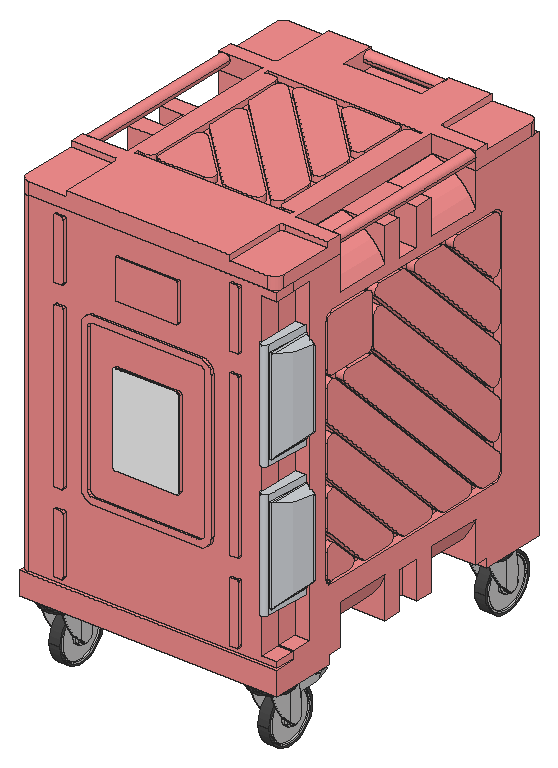
Revit family "QF_BOURGEAT_Conteneurs_Isothermes_Modèles_multi_standards_à_ouverture_Frontale", category Equipement spécialisé, Revit 2015
Parameters (values of type "1 module avec roulettes")
  URL catalogue = "http://www.bourgeat.fr"
  URL = ""
  Type article = ""
  Spécification du Fabricant = "Conteneur isotherme"
  Profondeur hors tout = 767 mm
  Poids net à vide = 43.00 kg
  Nature isolant = "Mousse sans PU"
  Modèle = "822301"
  Longueur hors tout = 592 mm
  Hauteur hors tout = 1032 mm
  Fabricant = "BOURGEAT"
  Description = ""
  Conteneur haut = no
  Contact SAV = "0033(4).76.32.14.44"
  Type Comments = ""
  Charge max = 90.00 kg
  Certification = "NF Hygiene alimentaire"
  Capacité en plaques 600x400 = "12 ou 9"
  Capacité en bacs polycarbonate = "8 GN1/1 H65 mm ou 5 GN1/1 H100 mm + 1GN1/1 H 65 mm"
  Capacité en bacs inox = "9 GN1/1 H65 mm ou 6 GN1/1 H100 mm"
Reference planes
  plane 1 "Centre (avant/arrière)": y = 0
  plane 2: z = 0
  plane 3 "Centre (gauche/droite)": x = 0
  plane 4: x = -241
  plane 5: x = 241
  plane 6: y = -284.25
  plane 7: y = 340.75
  plane 8: z = 1892
Forms (mm)
  Extrusion 1, solid, material "Plastique rouge", not visible
    sketch origin (0, 0, 0) x (1, 0, 0) y (0, 1, 0)
      loop
        arc (-185.938, -316.5) -> (0, -340.168) -> (185.938, -316.5) r 742.204
        line (185.938, -316.5) -> (-185.938, -316.5)
    from 62 to 541.347
  Extrusion 2, void, not visible
    sketch origin (0, 0, 0) x (0, 1, 0) y (0, 0, 1)
      loop
        line (-316.5, 541.347) -> (-376.5, 541.347) -> (-376.5, 467.614) -> (-341.5, 467.614) -> (-316.5, 541.347)
    from -189 to 189
  Extrusion 3, void, not visible
    sketch origin (0, 25, 506.988) x (0, 1, 0) y (0, 0, 1)
      loop
        line (-312.025, -476.988) -> (-345.715, -236.081) -> (-351.5, -236.081) -> (-351.5, -476.988) -> (-312.025, -476.988)
    from -189 to 189
  Extrusion 4, void, not visible
    sketch origin (0, 0, 0) x (1, 0, 0) y (0, 1, 0)
      loop
        arc (-91.005, -334.568) -> (0, -340.168) -> (91.005, -334.568) r 742.204
        line (91.005, -334.568) -> (86.852, -330.415)
        arc (86.852, -330.415) -> (-0.035, -321.722) -> (-86.916, -330.479) r 436.993
        line (-86.916, -330.479) -> (-91.005, -334.568)
    from 81.525 to 517.636
  Extrusion 5, solid, not visible
    sketch origin (4267.2, -534.768, 280.971) x (0, -1, 0) y (1, 0, 0)
      loop
        line (-212.991, -4491.703) -> (-305.486, -4478.63) -> (-306.606, -4486.551) -> (-213.708, -4499.682)
        arc (-213.708, -4499.682) -> (-200.905, -4492.56) -> (-203.551, -4478.151) r 12.564
        line (-203.551, -4478.151) -> (-209.213, -4483.813)
        arc (-209.213, -4483.813) -> (-208.154, -4489.17) -> (-212.991, -4491.703) r 4.561
    from -125 to 125
Dimensions and locks
  locked: Extrusion 2 sketch curve to Extrusion 2 sketch curve at 73.733
  aligned and locked: level to plane 2
Nested families
  nested 1: "Bourgeat-Conteneurs Isathermes-Modèles miulti-standards à ouverture Frontale 1 conteneur" at (0, 0, 157.5), type "Bourgeat-Conteneurs Isathermes-Modèles miulti-standards à ouverture Frontale 1 conteneur"
  nested 2: "ROULETTE" at (-241, -325.101, 0), type "ROULETTE"
    with Sans frein yes, Avec frein yes
  nested 3: "ROULETTE" at (241, -325.101, 0), type "ROULETTE"
    with Sans frein yes, Avec frein yes
  nested 4: "ROULETTE" at (-241, 299.899, 0), type "ROULETTE"
    with Sans frein yes, Avec frein no
  nested 5: "ROULETTE" at (241, 299.899, 0), type "ROULETTE"
    with Sans frein yes, Avec frein no
  nested 6: "Bourgeat-Conteneurs Isathermes-Modèles miulti-standards à ouverture Frontale 1 conteneur" at (0, 0, 1017), visible <- "Conteneur haut", type "Bourgeat-Conteneurs Isathermes-Modèles miulti-standards à ouverture Frontale 1 conteneur"
Definition of nested family "Bourgeat-Conteneurs Isathermes-Modèles miulti-standards à ouverture Frontale 1 conteneur"
  Parameters (values of type "Bourgeat-Conteneurs Isathermes-Modèles miulti-standards à ouverture Frontale 1 conteneur")
    URL = ""
    Model = ""
    Manufacturer = ""
    Description = ""
    Type Comments = ""
  Reference planes
    plane 1 "Centre (avant/arrière)": y = 0
    plane 2: z = 0
    plane 3 "Centre (gauche/droite)": x = 0
    plane 4: y = 383.5
    plane 5: x = -296
    plane 6: x = 296
    plane 7: y = -383.5
    plane 8: z = 755
    plane 9: x = 261.436
    plane 10: y = -242.5
  Forms (mm)
    Extrusion 1, solid
      sketch origin (0, 0, 0) x (1, 0, 0) y (0, 1, 0)
        loop
          line (-296, 357.5) -> (-296, 195.5) -> (-194, 195.5) -> (-194, -195.5) -> (-296, -195.5) -> (-296, -357.5)
          arc (-296, -357.5) -> (-290.142, -371.642) -> (-276, -377.5) r 20
          line (-276, -377.5) -> (276, -377.5)
          arc (276, -377.5) -> (290.142, -371.642) -> (296, -357.5) r 20
          line (296, -357.5) -> (296, -195.5) -> (194, -195.5) -> (194, 195.5) -> (296, 195.5) -> (296, 357.5)
          arc (296, 357.5) -> (290.142, 371.642) -> (276, 377.5) r 20
          line (276, 377.5) -> (90, 377.5) -> (90, 299.8) -> (-90, 299.8) -> (-90, 377.5) -> (-276, 377.5)
          arc (-276, 377.5) -> (-290.142, 371.642) -> (-296, 357.5) r 20
      from 835 to 875
    Extrusion 2, void
      sketch origin (0, 0, 875) x (0, 1, 0) y (1, 0, 0)
        loop
          arc (-377.5, -276) -> (-371.642, -290.142) -> (-357.5, -296) r 20
          line (-357.5, -296) -> (-229.5, -296) -> (-229.5, -196)
          arc (-229.5, -196) -> (-231.843, -190.343) -> (-237.5, -188) r 8
          line (-237.5, -188) -> (-377.5, -188) -> (-377.5, -276)
        loop
          line (-377.5, 276) -> (-377.5, 188) -> (-237.5, 188)
          arc (-237.5, 188) -> (-231.843, 190.343) -> (-229.5, 196) r 8
          line (-229.5, 196) -> (-229.5, 296) -> (-357.5, 296)
          arc (-357.5, 296) -> (-371.642, 290.142) -> (-377.5, 276) r 20
        loop
          line (377.5, -276) -> (377.5, -188) -> (237.5, -188)
          arc (237.5, -188) -> (231.843, -190.343) -> (229.5, -196) r 8
          line (229.5, -196) -> (229.5, -296) -> (357.5, -296)
          arc (357.5, -296) -> (371.642, -290.142) -> (377.5, -276) r 20
        loop
          arc (377.5, 276) -> (371.642, 290.142) -> (357.5, 296) r 20
          line (357.5, 296) -> (229.5, 296) -> (229.5, 196)
          arc (229.5, 196) -> (231.843, 190.343) -> (237.5, 188) r 8
          line (237.5, 188) -> (377.5, 188) -> (377.5, 276)
        loop
          line (191.5, -179.916) -> (191.5, 179.916) -> (184.5, 179.916) -> (184.5, 160)
          arc (184.5, 160) -> (180.399, 150.101) -> (170.5, 146) r 14
          line (170.5, 146) -> (-170.5, 146)
          arc (-170.5, 146) -> (-180.399, 150.101) -> (-184.5, 160) r 14
          line (-184.5, 160) -> (-184.5, 179.916) -> (-191.5, 179.916) -> (-191.5, -179.916) -> (-184.5, -179.916) -> (-184.5, -160)
          arc (-184.5, -160) -> (-180.399, -150.101) -> (-170.5, -146) r 14
          line (-170.5, -146) -> (170.5, -146)
          arc (170.5, -146) -> (180.399, -150.101) -> (184.5, -160) r 14
          line (184.5, -160) -> (184.5, -179.916) -> (191.5, -179.916)
        loop
          line (51.562, -115.101) -> (-160.601, 97.062)
          arc (-160.601, 97.062) -> (-175.858, 100.097) -> (-184.5, 87.162) r 14
          line (-184.5, 87.162) -> (-184.5, 23.523)
          arc (-184.5, 23.523) -> (-183.434, 18.165) -> (-180.399, 13.623) r 14
          line (-180.399, 13.623) -> (-31.877, -134.899)
          arc (-31.877, -134.899) -> (-27.335, -137.934) -> (-21.977, -139) r 14
          line (-21.977, -139) -> (41.662, -139)
          arc (41.662, -139) -> (54.597, -130.358) -> (51.562, -115.101) r 14
        loop
          line (-61.575, -115.101) -> (-160.601, -16.075)
          arc (-160.601, -16.075) -> (-175.858, -13.04) -> (-184.5, -25.975) r 14
          line (-184.5, -25.975) -> (-184.5, -125)
          arc (-184.5, -125) -> (-180.399, -134.899) -> (-170.5, -139) r 14
          line (-170.5, -139) -> (-71.475, -139)
          arc (-71.475, -139) -> (-58.54, -130.358) -> (-61.575, -115.101) r 14
        loop
          line (168.74, -115.101) -> (-81.26, 134.899)
          arc (-81.26, 134.899) -> (-85.802, 137.934) -> (-91.16, 139) r 14
          line (-91.16, 139) -> (-158.84, 139)
          arc (-158.84, 139) -> (-171.774, 130.358) -> (-168.74, 115.101) r 14
          line (-168.74, 115.101) -> (81.26, -134.899)
          arc (81.26, -134.899) -> (85.802, -137.934) -> (91.16, -139) r 14
          line (91.16, -139) -> (158.84, -139)
          arc (158.84, -139) -> (171.774, -130.358) -> (168.74, -115.101) r 14
        loop
          arc (31.877, 134.899) -> (27.335, 137.934) -> (21.977, 139) r 14
          line (21.977, 139) -> (-41.662, 139)
          arc (-41.662, 139) -> (-54.597, 130.358) -> (-51.562, 115.101) r 14
          line (-51.562, 115.101) -> (160.601, -97.062)
          arc (160.601, -97.062) -> (175.858, -100.097) -> (184.5, -87.162) r 14
          line (184.5, -87.162) -> (184.5, -23.523)
          arc (184.5, -23.523) -> (183.434, -18.165) -> (180.399, -13.623) r 14
          line (180.399, -13.623) -> (31.877, 134.899)
        loop
          arc (71.475, 139) -> (58.54, 130.358) -> (61.575, 115.101) r 14
          line (61.575, 115.101) -> (160.601, 16.075)
          arc (160.601, 16.075) -> (175.858, 13.04) -> (184.5, 25.975) r 14
          line (184.5, 25.975) -> (184.5, 125)
          arc (184.5, 125) -> (180.399, 134.899) -> (170.5, 139) r 14
          line (170.5, 139) -> (71.475, 139)
      from 0 to 12.5
    Extrusion 3, solid
      sketch origin (0, 0, 0) x (1, 0, 0) y (0, 0, 1)
        loop
          circle (-283.5, 862.5) r 12.5
      from -195.5 to 195.5
    Extrusion 4, solid
      sketch origin (0, 0, 0) x (-1, 0, 0) y (0, 0, -1)
        loop
          circle (-283.5, -862.5) r 12.5
      from -195.5 to 195.5
    Extrusion 5, solid
      sketch origin (0, 0, 0) x (0, 1, 0) y (0, 0, 1)
        loop
          circle (365, 862.5) r 12.5
      from -90 to 90
    Extrusion 6, solid
      sketch origin (0, 0, 0) x (0, 1, 0) y (0, 0, 1)
        loop
          line (377.5, 835) -> (-328, 835) -> (-328, 53) -> (-377.5, 53) -> (-377.5, 0) -> (-227.5, 0) -> (-227.5, 20) -> (227.5, 20) -> (227.5, 0) -> (377.5, 0) -> (377.5, 835)
      from -296 to 296
    Extrusion 7, void
      sketch origin (-296, 0, 0) x (0, 1, 0) y (0, 0, 1)
        loop
          line (251.049, 729.957) -> (-217.296, 729.957)
          arc (-217.296, 729.957) -> (-232.146, 723.806) -> (-238.296, 708.957) r 21
          line (-238.296, 708.957) -> (-238.296, 184.043)
          arc (-238.296, 184.043) -> (-232.146, 169.194) -> (-217.296, 163.043) r 21
          line (-217.296, 163.043) -> (251.049, 163.043)
          arc (251.049, 163.043) -> (265.898, 169.194) -> (272.049, 184.043) r 21
          line (272.049, 184.043) -> (272.049, 708.957)
          arc (272.049, 708.957) -> (265.898, 723.806) -> (251.049, 729.957) r 21
        loop
          line (-217.296, 594.957) -> (-117.296, 594.957)
          arc (-117.296, 594.957) -> (-107.397, 599.057) -> (-103.296, 608.957) r 14
          line (-103.296, 608.957) -> (-103.296, 708.957)
          arc (-103.296, 708.957) -> (-107.397, 718.856) -> (-117.296, 722.957) r 14
          line (-117.296, 722.957) -> (-217.296, 722.957)
          arc (-217.296, 722.957) -> (-227.196, 718.856) -> (-231.296, 708.957) r 14
          line (-231.296, 708.957) -> (-231.296, 608.957)
          arc (-231.296, 608.957) -> (-227.196, 599.057) -> (-217.296, 594.957) r 14
        loop
          line (251.049, 722.957) -> (146.864, 722.957)
          arc (146.864, 722.957) -> (133.929, 714.314) -> (136.964, 699.057) r 14
          line (136.964, 699.057) -> (241.149, 594.872)
          arc (241.149, 594.872) -> (256.406, 591.837) -> (265.049, 604.772) r 14
          line (265.049, 604.772) -> (265.049, 708.957)
          arc (265.049, 708.957) -> (260.948, 718.856) -> (251.049, 722.957) r 14
        loop
          arc (33.727, 722.957) -> (20.792, 714.314) -> (23.827, 699.057) r 14
          line (23.827, 699.057) -> (241.149, 481.735)
          arc (241.149, 481.735) -> (256.406, 478.7) -> (265.049, 491.635) r 14
          line (265.049, 491.635) -> (265.049, 555.274)
          arc (265.049, 555.274) -> (263.983, 560.632) -> (260.948, 565.174) r 14
          line (260.948, 565.174) -> (107.266, 718.856)
          arc (107.266, 718.856) -> (102.724, 721.891) -> (97.366, 722.957) r 14
          line (97.366, 722.957) -> (33.727, 722.957)
        loop
          line (-15.771, 722.957) -> (-79.41, 722.957)
          arc (-79.41, 722.957) -> (-92.345, 714.314) -> (-89.31, 699.057) r 14
          line (-89.31, 699.057) -> (241.149, 368.598)
          arc (241.149, 368.598) -> (256.406, 365.563) -> (265.049, 378.497) r 14
          line (265.049, 378.497) -> (265.049, 442.137)
          arc (265.049, 442.137) -> (263.983, 447.495) -> (260.948, 452.037) r 14
          line (260.948, 452.037) -> (-5.871, 718.856)
          arc (-5.871, 718.856) -> (-10.413, 721.891) -> (-15.771, 722.957) r 14
        loop
          line (-96.296, 662.345) -> (-96.296, 598.706)
          arc (-96.296, 598.706) -> (-95.231, 593.348) -> (-92.196, 588.806) r 14
          line (-92.196, 588.806) -> (241.149, 255.461)
          arc (241.149, 255.461) -> (256.406, 252.426) -> (265.049, 265.36) r 14
          line (265.049, 265.36) -> (265.049, 329)
          arc (265.049, 329) -> (263.983, 334.358) -> (260.948, 338.899) r 14
          line (260.948, 338.899) -> (-72.397, 672.245)
          arc (-72.397, 672.245) -> (-87.654, 675.28) -> (-96.296, 662.345) r 14
        loop
          line (-107.045, 587.957) -> (-170.685, 587.957)
          arc (-170.685, 587.957) -> (-183.619, 579.314) -> (-180.584, 564.057) r 14
          line (-180.584, 564.057) -> (209.33, 174.144)
          arc (209.33, 174.144) -> (213.872, 171.109) -> (219.229, 170.043) r 14
          line (219.229, 170.043) -> (251.049, 170.043)
          arc (251.049, 170.043) -> (260.948, 174.144) -> (265.049, 184.043) r 14
          line (265.049, 184.043) -> (265.049, 215.863)
          arc (265.049, 215.863) -> (263.983, 221.22) -> (260.948, 225.762) r 14
          line (260.948, 225.762) -> (-97.146, 583.856)
          arc (-97.146, 583.856) -> (-101.687, 586.891) -> (-107.045, 587.957) r 14
        loop
          line (179.631, 193.943) -> (-207.397, 580.971)
          arc (-207.397, 580.971) -> (-222.654, 584.005) -> (-231.296, 571.071) r 14
          line (-231.296, 571.071) -> (-231.296, 507.431)
          arc (-231.296, 507.431) -> (-230.231, 502.074) -> (-227.196, 497.532) r 14
          line (-227.196, 497.532) -> (96.193, 174.144)
          arc (96.193, 174.144) -> (100.734, 171.109) -> (106.092, 170.043) r 14
          line (106.092, 170.043) -> (169.732, 170.043)
          arc (169.732, 170.043) -> (182.666, 178.686) -> (179.631, 193.943) r 14
        loop
          line (66.494, 193.943) -> (-207.397, 467.833)
          arc (-207.397, 467.833) -> (-222.654, 470.868) -> (-231.296, 457.934) r 14
          line (-231.296, 457.934) -> (-231.296, 394.294)
          arc (-231.296, 394.294) -> (-230.231, 388.937) -> (-227.196, 384.395) r 14
          line (-227.196, 384.395) -> (-16.945, 174.144)
          arc (-16.945, 174.144) -> (-12.403, 171.109) -> (-7.045, 170.043) r 14
          line (-7.045, 170.043) -> (56.595, 170.043)
          arc (56.595, 170.043) -> (69.529, 178.686) -> (66.494, 193.943) r 14
        loop
          line (-46.643, 193.943) -> (-207.397, 354.696)
          arc (-207.397, 354.696) -> (-222.654, 357.731) -> (-231.296, 344.797) r 14
          line (-231.296, 344.797) -> (-231.296, 281.157)
          arc (-231.296, 281.157) -> (-230.231, 275.8) -> (-227.196, 271.258) r 14
          line (-227.196, 271.258) -> (-130.082, 174.144)
          arc (-130.082, 174.144) -> (-125.54, 171.109) -> (-120.182, 170.043) r 14
          line (-120.182, 170.043) -> (-56.543, 170.043)
          arc (-56.543, 170.043) -> (-43.608, 178.686) -> (-46.643, 193.943) r 14
        loop
          line (-159.78, 193.943) -> (-207.397, 241.559)
          arc (-207.397, 241.559) -> (-222.654, 244.594) -> (-231.296, 231.66) r 14
          line (-231.296, 231.66) -> (-231.296, 184.043)
          arc (-231.296, 184.043) -> (-227.196, 174.144) -> (-217.296, 170.043) r 14
          line (-217.296, 170.043) -> (-169.68, 170.043)
          arc (-169.68, 170.043) -> (-156.745, 178.686) -> (-159.78, 193.943) r 14
      from 0 to 20
    Extrusion 8, void
      sketch origin (296, 0, 0) x (0, 1, 0) y (0, 0, -1)
        loop
          arc (251.049, -729.957) -> (265.898, -723.806) -> (272.049, -708.957) r 21
          line (272.049, -708.957) -> (272.049, -184.043)
          arc (272.049, -184.043) -> (265.898, -169.194) -> (251.049, -163.043) r 21
          line (251.049, -163.043) -> (-217.296, -163.043)
          arc (-217.296, -163.043) -> (-232.146, -169.194) -> (-238.296, -184.043) r 21
          line (-238.296, -184.043) -> (-238.296, -708.957)
          arc (-238.296, -708.957) -> (-232.146, -723.806) -> (-217.296, -729.957) r 21
          line (-217.296, -729.957) -> (251.049, -729.957)
        loop
          arc (-217.296, -594.957) -> (-227.196, -599.057) -> (-231.296, -608.957) r 14
          line (-231.296, -608.957) -> (-231.296, -708.957)
          arc (-231.296, -708.957) -> (-227.196, -718.856) -> (-217.296, -722.957) r 14
          line (-217.296, -722.957) -> (-117.296, -722.957)
          arc (-117.296, -722.957) -> (-107.397, -718.856) -> (-103.296, -708.957) r 14
          line (-103.296, -708.957) -> (-103.296, -608.957)
          arc (-103.296, -608.957) -> (-107.397, -599.057) -> (-117.296, -594.957) r 14
          line (-117.296, -594.957) -> (-217.296, -594.957)
        loop
          arc (251.049, -722.957) -> (260.948, -718.856) -> (265.049, -708.957) r 14
          line (265.049, -708.957) -> (265.049, -604.772)
          arc (265.049, -604.772) -> (256.406, -591.837) -> (241.149, -594.872) r 14
          line (241.149, -594.872) -> (136.964, -699.057)
          arc (136.964, -699.057) -> (133.929, -714.314) -> (146.864, -722.957) r 14
          line (146.864, -722.957) -> (251.049, -722.957)
        loop
          line (33.727, -722.957) -> (97.366, -722.957)
          arc (97.366, -722.957) -> (102.724, -721.891) -> (107.266, -718.856) r 14
          line (107.266, -718.856) -> (260.948, -565.174)
          arc (260.948, -565.174) -> (263.983, -560.632) -> (265.049, -555.274) r 14
          line (265.049, -555.274) -> (265.049, -491.635)
          arc (265.049, -491.635) -> (256.406, -478.7) -> (241.149, -481.735) r 14
          line (241.149, -481.735) -> (23.827, -699.057)
          arc (23.827, -699.057) -> (20.792, -714.314) -> (33.727, -722.957) r 14
        loop
          arc (-15.771, -722.957) -> (-10.413, -721.891) -> (-5.871, -718.856) r 14
          line (-5.871, -718.856) -> (260.948, -452.037)
          arc (260.948, -452.037) -> (263.983, -447.495) -> (265.049, -442.137) r 14
          line (265.049, -442.137) -> (265.049, -378.497)
          arc (265.049, -378.497) -> (256.406, -365.563) -> (241.149, -368.598) r 14
          line (241.149, -368.598) -> (-89.31, -699.057)
          arc (-89.31, -699.057) -> (-92.345, -714.314) -> (-79.41, -722.957) r 14
          line (-79.41, -722.957) -> (-15.771, -722.957)
        loop
          arc (-96.296, -662.345) -> (-87.654, -675.28) -> (-72.397, -672.245) r 14
          line (-72.397, -672.245) -> (260.948, -338.899)
          arc (260.948, -338.899) -> (263.983, -334.358) -> (265.049, -329) r 14
          line (265.049, -329) -> (265.049, -265.36)
          arc (265.049, -265.36) -> (256.406, -252.426) -> (241.149, -255.461) r 14
          line (241.149, -255.461) -> (-92.196, -588.806)
          arc (-92.196, -588.806) -> (-95.231, -593.348) -> (-96.296, -598.706) r 14
          line (-96.296, -598.706) -> (-96.296, -662.345)
        loop
          arc (-107.045, -587.957) -> (-101.687, -586.891) -> (-97.146, -583.856) r 14
          line (-97.146, -583.856) -> (260.948, -225.762)
          arc (260.948, -225.762) -> (263.983, -221.22) -> (265.049, -215.863) r 14
          line (265.049, -215.863) -> (265.049, -184.043)
          arc (265.049, -184.043) -> (260.948, -174.144) -> (251.049, -170.043) r 14
          line (251.049, -170.043) -> (219.229, -170.043)
          arc (219.229, -170.043) -> (213.872, -171.109) -> (209.33, -174.144) r 14
          line (209.33, -174.144) -> (-180.584, -564.057)
          arc (-180.584, -564.057) -> (-183.619, -579.314) -> (-170.685, -587.957) r 14
          line (-170.685, -587.957) -> (-107.045, -587.957)
        loop
          arc (179.631, -193.943) -> (182.666, -178.686) -> (169.732, -170.043) r 14
          line (169.732, -170.043) -> (106.092, -170.043)
          arc (106.092, -170.043) -> (100.734, -171.109) -> (96.193, -174.144) r 14
          line (96.193, -174.144) -> (-227.196, -497.532)
          arc (-227.196, -497.532) -> (-230.231, -502.074) -> (-231.296, -507.431) r 14
          line (-231.296, -507.431) -> (-231.296, -571.071)
          arc (-231.296, -571.071) -> (-222.654, -584.005) -> (-207.397, -580.971) r 14
          line (-207.397, -580.971) -> (179.631, -193.943)
        loop
          arc (66.494, -193.943) -> (69.529, -178.686) -> (56.595, -170.043) r 14
          line (56.595, -170.043) -> (-7.045, -170.043)
          arc (-7.045, -170.043) -> (-12.403, -171.109) -> (-16.945, -174.144) r 14
          line (-16.945, -174.144) -> (-227.196, -384.395)
          arc (-227.196, -384.395) -> (-230.231, -388.937) -> (-231.296, -394.294) r 14
          line (-231.296, -394.294) -> (-231.296, -457.934)
          arc (-231.296, -457.934) -> (-222.654, -470.868) -> (-207.397, -467.833) r 14
          line (-207.397, -467.833) -> (66.494, -193.943)
        loop
          arc (-46.643, -193.943) -> (-43.608, -178.686) -> (-56.543, -170.043) r 14
          line (-56.543, -170.043) -> (-120.182, -170.043)
          arc (-120.182, -170.043) -> (-125.54, -171.109) -> (-130.082, -174.144) r 14
          line (-130.082, -174.144) -> (-227.196, -271.258)
          arc (-227.196, -271.258) -> (-230.231, -275.8) -> (-231.296, -281.157) r 14
          line (-231.296, -281.157) -> (-231.296, -344.797)
          arc (-231.296, -344.797) -> (-222.654, -357.731) -> (-207.397, -354.696) r 14
          line (-207.397, -354.696) -> (-46.643, -193.943)
        loop
          arc (-159.78, -193.943) -> (-156.745, -178.686) -> (-169.68, -170.043) r 14
          line (-169.68, -170.043) -> (-217.296, -170.043)
          arc (-217.296, -170.043) -> (-227.196, -174.144) -> (-231.296, -184.043) r 14
          line (-231.296, -184.043) -> (-231.296, -231.66)
          arc (-231.296, -231.66) -> (-222.654, -244.594) -> (-207.397, -241.559) r 14
          line (-207.397, -241.559) -> (-159.78, -193.943)
      from 0 to 20
    Extrusion 9, void
      sketch origin (0, 0, 0) x (1, 0, 0) y (0, 0, 1)
        loop
          line (-193.07, 836) -> (-296, 836) -> (-296, 755)
          arc (-296, 755) -> (-255, 808.799) -> (-193.07, 836) r 135.183
      from 65.5 to 195.5
    Extrusion 10, void
      sketch origin (0, 0, 0) x (1, 0, 0) y (0, 0, -1)
        loop
          arc (-193.07, -836) -> (-255, -808.799) -> (-296, -755) r 135.183
          line (-296, -755) -> (-296, -836) -> (-193.07, -836)
      from 65.5 to 195.5
    Extrusion 11, void
      sketch origin (0, 0, 0) x (1, 0, 0) y (0, 1, 0)
        loop
          line (-296, -26) -> (-242.454, -26) -> (-242.454, 26) -> (-296, 26) -> (-296, -26)
      from 749 to 875
    Extrusion 12, void
      sketch origin (0, 0, 0) x (-1, 0, 0) y (0, 0, -1)
        loop
          arc (-193.07, -836) -> (-255, -808.799) -> (-296, -755) r 135.183
          line (-296, -755) -> (-296, -836) -> (-193.07, -836)
      from 65.5 to 195.5
    Extrusion 13, void
      sketch origin (0, 0, 0) x (-1, 0, 0) y (0, 0, 1)
        loop
          line (-193.07, 836) -> (-296, 836) -> (-296, 755)
          arc (-296, 755) -> (-255, 808.799) -> (-193.07, 836) r 135.183
      from 65.5 to 195.5
    Extrusion 14, void
      sketch origin (0, 0, 0) x (-1, 0, 0) y (0, -1, 0)
        loop
          line (-296, 26) -> (-296, -26) -> (-242.454, -26) -> (-242.454, 26) -> (-296, 26)
      from 749 to 875
    Extrusion 15, solid
      sketch origin (0, 0, 0) x (1, 0, 0) y (0, 0, 1)
        loop
          line (-296, 835) -> (-296, 58) -> (296, 58) -> (296, 835) -> (-296, 835)
      from 332.5 to 377.5
    Extrusion 16, void
      sketch origin (0, 0, 0) x (1, 0, 0) y (0, 1, 0)
        loop
          line (261.436, -389.5) -> (296, -389.5) -> (296, -280.708) -> (261.436, -280.708) -> (261.436, -389.5)
      from 71.657 to 816.393
    Extrusion 17, solid
      sketch origin (0, 0, 0) x (1, 0, 0) y (0, 0, 1)
        loop
          line (213.5, 684) -> (213.5, 816.393)
          spline (213.5, 816.393) -> (213.47, 817.039) -> (213.381, 817.674) -> (213.234, 818.288) -> (213.031, 818.868) -> (212.777, 819.407) -> (212.475, 819.893) -> (212.131, 820.32) -> (211.75, 820.68) -> (211.339, 820.966) -> (210.906, 821.174) -> (210.457, 821.301) -> (210, 821.343)
          line (210, 821.343) -> (195, 821.343)
          spline (195, 821.343) -> (194.543, 821.301) -> (194.094, 821.174) -> (193.661, 820.966) -> (193.25, 820.68) -> (192.869, 820.32) -> (192.525, 819.893) -> (192.223, 819.407) -> (191.969, 818.868) -> (191.766, 818.288) -> (191.619, 817.674) -> (191.53, 817.039) -> (191.5, 816.393)
          line (191.5, 816.393) -> (191.5, 684)
          arc (191.5, 684) -> (192.525, 681.525) -> (195, 680.5) r 3.5
          line (195, 680.5) -> (210, 680.5)
          arc (210, 680.5) -> (212.475, 681.525) -> (213.5, 684) r 3.5
        loop
          line (213.5, 261.5) -> (213.5, 631.5)
          arc (213.5, 631.5) -> (212.475, 633.975) -> (210, 635) r 3.5
          line (210, 635) -> (195, 635)
          arc (195, 635) -> (192.525, 633.975) -> (191.5, 631.5) r 3.5
          line (191.5, 631.5) -> (191.5, 261.5)
          arc (191.5, 261.5) -> (192.525, 259.025) -> (195, 258) r 3.5
          line (195, 258) -> (210, 258)
          arc (210, 258) -> (212.475, 259.025) -> (213.5, 261.5) r 3.5
        loop
          line (213.5, 76.607) -> (213.5, 209)
          arc (213.5, 209) -> (212.475, 211.475) -> (210, 212.5) r 3.5
          line (210, 212.5) -> (195, 212.5)
          arc (195, 212.5) -> (192.525, 211.475) -> (191.5, 209) r 3.5
          line (191.5, 209) -> (191.5, 76.607)
          spline (191.5, 76.607) -> (191.53, 75.961) -> (191.619, 75.326) -> (191.766, 74.712) -> (191.969, 74.132) -> (192.223, 73.593) -> (192.525, 73.107) -> (192.869, 72.68) -> (193.25, 72.32) -> (193.661, 72.034) -> (194.094, 71.826) -> (194.543, 71.699) -> (195, 71.657)
          line (195, 71.657) -> (210, 71.657)
          spline (210, 71.657) -> (210.457, 71.699) -> (210.906, 71.826) -> (211.339, 72.034) -> (211.75, 72.32) -> (212.131, 72.68) -> (212.475, 73.107) -> (212.777, 73.593) -> (213.031, 74.132) -> (213.234, 74.712) -> (213.381, 75.326) -> (213.47, 75.961) -> (213.5, 76.607)
        loop
          line (-191.5, 76.607) -> (-191.5, 209)
          arc (-191.5, 209) -> (-192.525, 211.475) -> (-195, 212.5) r 3.5
          line (-195, 212.5) -> (-210, 212.5)
          arc (-210, 212.5) -> (-212.475, 211.475) -> (-213.5, 209) r 3.5
          line (-213.5, 209) -> (-213.5, 76.607)
          spline (-213.5, 76.607) -> (-213.47, 75.961) -> (-213.381, 75.326) -> (-213.234, 74.712) -> (-213.031, 74.132) -> (-212.777, 73.593) -> (-212.475, 73.107) -> (-212.131, 72.68) -> (-211.75, 72.32) -> (-211.339, 72.034) -> (-210.906, 71.826) -> (-210.457, 71.699) -> (-210, 71.657)
          line (-210, 71.657) -> (-195, 71.657)
          spline (-195, 71.657) -> (-194.543, 71.699) -> (-194.094, 71.826) -> (-193.661, 72.034) -> (-193.25, 72.32) -> (-192.869, 72.68) -> (-192.525, 73.107) -> (-192.223, 73.593) -> (-191.969, 74.132) -> (-191.766, 74.712) -> (-191.619, 75.326) -> (-191.53, 75.961) -> (-191.5, 76.607)
        loop
          arc (-191.5, 631.5) -> (-192.525, 633.975) -> (-195, 635) r 3.5
          line (-195, 635) -> (-210, 635)
          arc (-210, 635) -> (-212.475, 633.975) -> (-213.5, 631.5) r 3.5
          line (-213.5, 631.5) -> (-213.5, 261.5)
          arc (-213.5, 261.5) -> (-212.475, 259.025) -> (-210, 258) r 3.5
          line (-210, 258) -> (-195, 258)
          arc (-195, 258) -> (-192.525, 259.025) -> (-191.5, 261.5) r 3.5
          line (-191.5, 261.5) -> (-191.5, 631.5)
        loop
          line (-191.5, 684) -> (-191.5, 816.393)
          spline (-191.5, 816.393) -> (-191.53, 817.039) -> (-191.619, 817.674) -> (-191.766, 818.288) -> (-191.969, 818.868) -> (-192.223, 819.407) -> (-192.525, 819.893) -> (-192.869, 820.32) -> (-193.25, 820.68) -> (-193.661, 820.966) -> (-194.094, 821.174) -> (-194.543, 821.301) -> (-195, 821.343)
          line (-195, 821.343) -> (-210, 821.343)
          spline (-210, 821.343) -> (-210.457, 821.301) -> (-210.906, 821.174) -> (-211.339, 820.966) -> (-211.75, 820.68) -> (-212.131, 820.32) -> (-212.475, 819.893) -> (-212.777, 819.407) -> (-213.031, 818.868) -> (-213.234, 818.288) -> (-213.381, 817.674) -> (-213.47, 817.039) -> (-213.5, 816.393)
          line (-213.5, 816.393) -> (-213.5, 684)
          arc (-213.5, 684) -> (-212.475, 681.525) -> (-210, 680.5) r 3.5
          line (-210, 680.5) -> (-195, 680.5)
          arc (-195, 680.5) -> (-192.525, 681.525) -> (-191.5, 684) r 3.5
        loop
          line (71.5, 693.09) -> (71.5, 780.09)
          arc (71.5, 780.09) -> (71.061, 781.151) -> (70, 781.59) r 1.5
          line (70, 781.59) -> (-70, 781.59)
          arc (-70, 781.59) -> (-71.061, 781.151) -> (-71.5, 780.09) r 1.5
          line (-71.5, 780.09) -> (-71.5, 693.09)
          arc (-71.5, 693.09) -> (-71.061, 692.03) -> (-70, 691.59) r 1.5
          line (-70, 691.59) -> (70, 691.59)
          arc (70, 691.59) -> (71.061, 692.03) -> (71.5, 693.09) r 1.5
        loop
          arc (149.954, 614.5) -> (141.913, 633.913) -> (122.5, 641.954) r 27.454
          line (122.5, 641.954) -> (-122.5, 641.954)
          arc (-122.5, 641.954) -> (-141.913, 633.913) -> (-149.954, 614.5) r 27.454
          line (-149.954, 614.5) -> (-149.954, 278.5)
          arc (-149.954, 278.5) -> (-141.913, 259.087) -> (-122.5, 251.046) r 27.454
          line (-122.5, 251.046) -> (122.5, 251.046)
          arc (122.5, 251.046) -> (141.913, 259.087) -> (149.954, 278.5) r 27.454
          line (149.954, 278.5) -> (149.954, 614.5)
        loop
          line (135.046, 278.5) -> (135.046, 614.5)
          arc (135.046, 614.5) -> (131.372, 623.372) -> (122.5, 627.046) r 12.546
          line (122.5, 627.046) -> (-122.5, 627.046)
          arc (-122.5, 627.046) -> (-131.372, 623.372) -> (-135.046, 614.5) r 12.546
          line (-135.046, 614.5) -> (-135.046, 278.5)
          arc (-135.046, 278.5) -> (-131.372, 269.628) -> (-122.5, 265.954) r 12.546
          line (-122.5, 265.954) -> (122.5, 265.954)
          arc (122.5, 265.954) -> (131.372, 269.628) -> (135.046, 278.5) r 12.546
        loop
          line (70, 552.472) -> (-70, 552.472)
          arc (-70, 552.472) -> (-74.223, 550.723) -> (-75.972, 546.5) r 5.972
          line (-75.972, 546.5) -> (-75.972, 346.5)
          arc (-75.972, 346.5) -> (-74.223, 342.277) -> (-70, 340.528) r 5.972
          line (-70, 340.528) -> (70, 340.528)
          arc (70, 340.528) -> (74.223, 342.277) -> (75.972, 346.5) r 5.972
          line (75.972, 346.5) -> (75.972, 546.5)
          arc (75.972, 546.5) -> (74.223, 550.723) -> (70, 552.472) r 5.972
      from 377.5 to 383.5
    Extrusion 18, void
      sketch origin (0, 0, 0) x (1, 0, 0) y (0, 1, 0)
        loop
          line (-296, -357.5) -> (-296, -377.5) -> (-276, -377.5)
          arc (-276, -377.5) -> (-290.142, -371.642) -> (-296, -357.5) r 20
      from 53 to 835
    Extrusion 19, solid
      sketch origin (0, 0, 0) x (1, 0, 0) y (0, 1, 0)
        loop
          circle (-296.5, -337.5) r 5
      from 406.5 to 446.5
    Extrusion 20, solid
      sketch origin (0, 0, -300) x (1, 0, 0) y (0, 1, 0)
        loop
          circle (-296.5, -337.5) r 5
      from 406.5 to 446.5
    Extrusion 21, solid
      sketch origin (0, 0, 300) x (1, 0, 0) y (0, 1, 0)
        loop
          circle (-296.5, -337.5) r 5
      from 406.5 to 446.5
    Extrusion 22, void
      sketch origin (0, 0, 893) x (1, 0, 0) y (0, 0, 1)
        loop
          arc (-193.07, -873) -> (-256.381, -838.832) -> (-296, -778.781) r 147.501
          line (-296, -778.781) -> (-296, -873) -> (-193.07, -873)
      from 65.5 to 195.5
    Extrusion 23, void
      sketch origin (0, 0, 893) x (1, 0, 0) y (0, 0, -1)
        loop
          line (-193.07, 873) -> (-296, 873) -> (-296, 778.781)
          arc (-296, 778.781) -> (-256.381, 838.832) -> (-193.07, 873) r 147.501
      from 65.5 to 195.5
    Extrusion 24, void
      sketch origin (0, 0, 893) x (0, -1, 0) y (1, 0, 0)
        loop
          line (11.21, -296) -> (11.21, -242.454) -> (-26, -242.454) -> (-26, -296) -> (11.21, -296)
      from -893 to -786.5
    Extrusion 25, void
      sketch origin (0, 0, 893) x (-1, 0, 0) y (0, 0, -1)
        loop
          line (-193.07, 873) -> (-296, 873) -> (-296, 778.781)
          arc (-296, 778.781) -> (-256.381, 838.832) -> (-193.07, 873) r 147.501
      from 65.5 to 195.5
    Extrusion 26, void
      sketch origin (0, 0, 893) x (-1, 0, 0) y (0, 0, 1)
        loop
          arc (-193.07, -873) -> (-256.381, -838.832) -> (-296, -778.781) r 147.501
          line (-296, -778.781) -> (-296, -873) -> (-193.07, -873)
      from 65.5 to 195.5
    Extrusion 27, void
      sketch origin (0, 0, 893) x (0, 1, 0) y (-1, 0, 0)
        loop
          line (-26, -296) -> (26, -296) -> (26, -261.436) -> (-26, -261.436) -> (-26, -296)
      from -893 to -786.5
    Extrusion 28, solid
      sketch origin (0, -383.5, 0) x (1, 0, 0) y (0, 0, 1)
        loop
          line (70, 552.472) -> (-70, 552.472)
          arc (-70, 552.472) -> (-74.223, 550.723) -> (-75.972, 546.5) r 5.972
          line (-75.972, 546.5) -> (-75.972, 346.5)
          arc (-75.972, 346.5) -> (-74.223, 342.277) -> (-70, 340.528) r 5.972
          line (-70, 340.528) -> (70, 340.528)
          arc (70, 340.528) -> (74.223, 342.277) -> (75.972, 346.5) r 5.972
          line (75.972, 346.5) -> (75.972, 546.5)
          arc (75.972, 546.5) -> (74.223, 550.723) -> (70, 552.472) r 5.972
      from 0 to 1
  Cuts and joins
    Extrusion 2, Extrusion 22, Extrusion 23 cuts Extrusion 1
    Extrusion 7, Extrusion 8, Extrusion 9, Extrusion 10, Extrusion 11, Extrusion 12, Extrusion 13, Extrusion 14, Extrusion 16, Extrusion 18, Extrusion 22, Extrusion 23, Extrusion 24, Extrusion 25, Extrusion 26, Extrusion 27 cuts Extrusion 6
    Extrusion 14, Extrusion 24 cuts Extrusion 3
    Extrusion 16, Extrusion 18 cuts Extrusion 15
  Dimensions and locks
    equal spacing: plane 5, plane 3 "Centre (gauche/droite)", plane 6
    equal spacing: plane 4, plane 1 "Centre (avant/arrière)", plane 7
    plane 5 to plane 6 = 592 mm
    plane 4 to plane 7 = 767 mm
    aligned and locked: level to plane 2
  Automatic sketch dimensions
    Extrusion 1 sketch curve to plane 5 = 0 mm  (x2)
    Extrusion 1 sketch curve to plane 6 = 0 mm  (x2)
    plane 5 to Extrusion 1 sketch curve = 20 mm
    Extrusion 1 sketch curve to Extrusion 1 sketch curve = 20 mm
    plane 5 to Extrusion 1 sketch curve = 102 mm
    Extrusion 1 sketch curve to plane 4 = 6 mm  (x2)
    Extrusion 1 sketch curve to plane 3 "Centre (gauche/droite)" = 90 mm
    plane 3 "Centre (gauche/droite)" to Extrusion 1 sketch curve = 90 mm
    Extrusion 1 sketch curve to plane 9 = 67.436 mm
    plane 9 to Extrusion 1 sketch curve = 14.564 mm  (x2)
    plane 7 to Extrusion 1 sketch curve = 6 mm
    plane 10 to Extrusion 1 sketch curve = 47 mm  (x2)
    Extrusion 1 sketch curve to Extrusion 1 sketch curve = 162 mm  (x2)
    Extrusion 1 sketch curve to Extrusion 1 sketch curve = 77.7 mm
    Extrusion 2 sketch curve to Extrusion 1 = 6 mm  (x2)
    Extrusion 2 sketch curve to Extrusion 1 = 42 mm  (x2)
    Extrusion 1 to Extrusion 2 sketch curve = 2 mm  (x3)
    Extrusion 2 sketch curve to Extrusion 1 = 34 mm  (x3)
    Extrusion 1 to Extrusion 2 sketch curve = 4 mm  (x2)
    Extrusion 1 to Extrusion 2 sketch curve = 11 mm  (x7)
    Extrusion 1 to Extrusion 2 sketch curve = 2.838 mm  (x2)
    Extrusion 2 sketch curve to Extrusion 2 sketch curve = 4.101 mm  (x3)
    Extrusion 2 sketch curve to Extrusion 2 sketch curve = 14 mm  (x7)
    Extrusion 1 to Extrusion 2 sketch curve = 26.76 mm
    Extrusion 2 sketch curve to Extrusion 1 = 7.062 mm  (x2)
    Extrusion 2 sketch curve to Extrusion 2 sketch curve = 9.899 mm  (x15)
    Extrusion 2 sketch curve to Extrusion 2 sketch curve = 67.68 mm
    Extrusion 2 sketch curve to Extrusion 1 = 44.899 mm  (x4)
    Extrusion 2 sketch curve to Extrusion 1 = 35 mm
    Extrusion 2 sketch curve to Extrusion 2 sketch curve = 99.025 mm
    Extrusion 2 sketch curve to Extrusion 1 = 25.101 mm  (x4)
    Extrusion 2 sketch curve to Extrusion 2 sketch curve = 29.698 mm  (x6)
    Extrusion 2 sketch curve to Extrusion 2 sketch curve = 63.64 mm  (x3)
    Extrusion 1 to Extrusion 2 sketch curve = 36.66 mm
    Extrusion 1 to Extrusion 2 sketch curve = 34.899 mm
    Extrusion 2 sketch curve to Extrusion 2 sketch curve = 1.76 mm
    Extrusion 1 to Extrusion 2 sketch curve = 25 mm  (x2)
    Extrusion 2 sketch curve to Extrusion 2 sketch curve = 0 mm
    Extrusion 2 sketch curve to Extrusion 2 sketch curve = 11.66 mm
    Extrusion 2 sketch curve to Extrusion 2 sketch curve = 8 mm  (x2)
    Extrusion 2 sketch curve to Extrusion 1 = 14.084 mm  (x4)
    Extrusion 2 sketch curve to Extrusion 2 sketch curve = 19.916 mm
    Extrusion 2 sketch curve to Extrusion 2 sketch curve = 7 mm  (x3)
    Extrusion 1 to Extrusion 2 sketch curve = 64.025 mm
    Extrusion 2 sketch curve to Extrusion 2 sketch curve = 18.039 mm
    plane 5 to Extrusion 3 sketch curve = 12.5 mm
    plane 8 to Extrusion 3 sketch curve = 107.5 mm
    plane 6 to Extrusion 4 sketch curve = 12.5 mm
    Extrusion 4 sketch curve to plane 8 = 107.5 mm
    Extrusion 5 sketch curve to plane 4 = 18.5 mm
    plane 8 to Extrusion 5 sketch curve = 107.5 mm
    Extrusion 6 sketch curve to level = 0 mm  (x2)
    plane 7 to Extrusion 6 sketch curve = 6 mm
    Extrusion 6 sketch curve to Extrusion 6 sketch curve = 49.5 mm
    plane 10 to Extrusion 6 sketch curve = 15 mm
    level to Extrusion 6 sketch curve = 20 mm
    Extrusion 6 sketch curve to plane 4 = 156 mm
    Extrusion 6 sketch curve to plane 4 = 6 mm
    level to Extrusion 6 sketch curve = 53 mm
    plane 8 to Extrusion 6 sketch curve = 80 mm
    Extrusion 7 sketch curve to Extrusion 7 sketch curve = 0 mm  (x11)
    Extrusion 6 to Extrusion 7 sketch curve = 10.796 mm
    Extrusion 6 to Extrusion 7 sketch curve = 3.796 mm  (x5)
    Extrusion 7 sketch curve to Extrusion 6 = 0.304 mm  (x3)
    Extrusion 7 sketch curve to Extrusion 6 = 10.204 mm  (x10)
    Extrusion 7 sketch curve to Extrusion 7 sketch curve = 9.899 mm  (x31)
    Extrusion 7 sketch curve to Extrusion 7 sketch curve = 26.813 mm  (x2)
    Extrusion 7 sketch curve to Extrusion 7 sketch curve = 47.617 mm  (x2)
    Extrusion 7 sketch curve to Extrusion 7 sketch curve = 29.698 mm  (x12)
    Extrusion 7 sketch curve to Extrusion 7 sketch curve = 100 mm  (x2)
    Extrusion 7 sketch curve to Extrusion 7 sketch curve = 53.388 mm  (x2)
    Extrusion 7 sketch curve to Extrusion 7 sketch curve = 10.251 mm
    Extrusion 7 sketch curve to Extrusion 7 sketch curve = 14 mm  (x11)
    Extrusion 7 sketch curve to Extrusion 7 sketch curve = 7 mm  (x3)
    Extrusion 7 sketch curve to Extrusion 7 sketch curve = 4.95 mm  (x2)
    Extrusion 7 sketch curve to Extrusion 7 sketch curve = 13.986 mm
    Extrusion 7 sketch curve to Extrusion 7 sketch curve = 63.64 mm  (x9)
    Extrusion 7 sketch curve to Extrusion 6 = 121.144 mm
    Extrusion 6 to Extrusion 7 sketch curve = 116.144 mm
    Extrusion 7 sketch curve to Extrusion 6 = 57.768 mm
    Extrusion 7 sketch curve to Extrusion 6 = 18.17 mm
    Extrusion 7 sketch curve to Extrusion 6 = 8.271 mm
    Extrusion 6 to Extrusion 7 sketch curve = 13.649 mm  (x4)
    Extrusion 6 to Extrusion 7 sketch curve = 23.549 mm  (x6)
    Extrusion 7 sketch curve to Extrusion 7 sketch curve = 4.101 mm  (x6)
    Extrusion 7 sketch curve to Extrusion 6 = 117.043 mm
    Extrusion 7 sketch curve to Extrusion 7 sketch curve = 31.82 mm
    Extrusion 7 sketch curve to Extrusion 7 sketch curve = 56.626 mm
    Extrusion 7 sketch curve to Extrusion 7 sketch curve = 7.014 mm
    Extrusion 7 sketch curve to Extrusion 7 sketch curve = 19.799 mm
    Extrusion 8 sketch curve to Extrusion 8 sketch curve = 0 mm  (x12)
    plane 10 to Extrusion 8 sketch curve = 4.204 mm
    Extrusion 8 sketch curve to Extrusion 8 sketch curve = 7 mm  (x4)
    plane 10 to Extrusion 8 sketch curve = 11.204 mm  (x4)
    Extrusion 8 sketch curve to Extrusion 8 sketch curve = 4.101 mm  (x7)
    Extrusion 8 sketch curve to Extrusion 8 sketch curve = 14 mm  (x19)
    Extrusion 8 sketch curve to Extrusion 8 sketch curve = 9.899 mm  (x38)
    Extrusion 8 sketch curve to Extrusion 8 sketch curve = 26.813 mm  (x2)
    Extrusion 8 sketch curve to Extrusion 8 sketch curve = 47.617 mm  (x3)
    Extrusion 8 sketch curve to Extrusion 8 sketch curve = 29.698 mm  (x11)
    Extrusion 8 sketch curve to plane 8 = 32.043 mm
    Extrusion 8 sketch curve to Extrusion 8 sketch curve = 100 mm
    Extrusion 8 sketch curve to Extrusion 8 sketch curve = 53.388 mm  (x2)
    Extrusion 8 sketch curve to Extrusion 8 sketch curve = 10.251 mm  (x2)
    Extrusion 8 sketch curve to Extrusion 8 sketch curve = 4.95 mm  (x2)
    Extrusion 8 sketch curve to Extrusion 8 sketch curve = 13.986 mm  (x2)
    plane 1 "Centre (avant/arrière)" to Extrusion 8 sketch curve = 56.543 mm
    plane 1 "Centre (avant/arrière)" to Extrusion 8 sketch curve = 16.945 mm
    plane 1 "Centre (avant/arrière)" to Extrusion 8 sketch curve = 15.771 mm
    plane 1 "Centre (avant/arrière)" to Extrusion 8 sketch curve = 7.045 mm
    plane 1 "Centre (avant/arrière)" to Extrusion 8 sketch curve = 5.871 mm
    Extrusion 8 sketch curve to plane 1 "Centre (avant/arrière)" = 23.827 mm
    Extrusion 8 sketch curve to plane 1 "Centre (avant/arrière)" = 56.595 mm
    Extrusion 8 sketch curve to Extrusion 8 sketch curve = 63.64 mm  (x8)
    Extrusion 8 sketch curve to plane 8 = 36.144 mm
    Extrusion 8 sketch curve to plane 8 = 55.943 mm
    Extrusion 8 sketch curve to plane 4 = 142.351 mm
    Extrusion 8 sketch curve to Extrusion 8 sketch curve = 21.92 mm  (x2)
    Extrusion 8 sketch curve to Extrusion 8 sketch curve = 104.185 mm  (x2)
    Extrusion 8 sketch curve to Extrusion 8 sketch curve = 31.82 mm
    Extrusion 9 sketch curve to plane 5 = 0 mm
    Extrusion 9 sketch curve to plane 8 = 0 mm
    plane 5 to Extrusion 9 sketch curve = 102.93 mm
    Extrusion 9 sketch curve to plane 8 = 52.435 mm
    plane 5 to Extrusion 9 sketch curve = 124.6 mm
    Extrusion 10 sketch curve to plane 5 = 0 mm
    Extrusion 10 sketch curve to plane 8 = 0 mm
    plane 5 to Extrusion 10 sketch curve = 102.93 mm
    Extrusion 10 sketch curve to plane 8 = 52.435 mm
    plane 5 to Extrusion 10 sketch curve = 124.6 mm
    Extrusion 11 sketch curve to plane 5 = 0 mm
    Extrusion 11 sketch curve to plane 1 "Centre (avant/arrière)" = 26 mm
    plane 5 to Extrusion 11 sketch curve = 53.546 mm
    plane 1 "Centre (avant/arrière)" to Extrusion 11 sketch curve = 26 mm
    Extrusion 12 sketch curve to plane 6 = 0 mm
    Extrusion 12 sketch curve to plane 8 = 0 mm
    plane 9 to Extrusion 12 sketch curve = 68.366 mm
    plane 9 to Extrusion 12 sketch curve = 90.035 mm
    plane 8 to Extrusion 12 sketch curve = 52.435 mm
    Extrusion 13 sketch curve to plane 6 = 0 mm
    Extrusion 13 sketch curve to plane 8 = 0 mm
    Extrusion 13 sketch curve to plane 9 = 68.366 mm
    Extrusion 13 sketch curve to plane 9 = 90.035 mm
    Extrusion 13 sketch curve to plane 8 = 52.435 mm
    Extrusion 14 sketch curve to plane 6 = 0 mm
    plane 9 to Extrusion 14 sketch curve = 18.982 mm
    Extrusion 14 sketch curve to plane 1 "Centre (avant/arrière)" = 26 mm
    plane 1 "Centre (avant/arrière)" to Extrusion 14 sketch curve = 26 mm
    Extrusion 15 sketch curve to plane 5 = 0 mm
    Extrusion 15 sketch curve to plane 6 = 0 mm
    level to Extrusion 15 sketch curve = 58 mm
    plane 8 to Extrusion 15 sketch curve = 80 mm
    Extrusion 16 sketch curve to plane 9 = 0 mm
    Extrusion 16 sketch curve to plane 6 = 0 mm
    Extrusion 16 sketch curve to plane 7 = 6 mm
    Extrusion 16 sketch curve to plane 10 = 38.208 mm
    Extrusion 17 sketch curve to Extrusion 17 sketch curve = 0 mm  (x17)
    plane 5 to Extrusion 17 sketch curve = 82.5 mm  (x2)
    Extrusion 17 sketch curve to Extrusion 17 sketch curve = 3.5 mm  (x26)
    Extrusion 17 sketch curve to Extrusion 17 sketch curve = 15 mm  (x12)
    Extrusion 17 sketch curve to Extrusion 17 sketch curve = 41.546 mm  (x2)
    Extrusion 17 sketch curve to Extrusion 17 sketch curve = 14.907 mm
    Extrusion 17 sketch curve to Extrusion 17 sketch curve = 12.546 mm  (x3)
    Extrusion 17 sketch curve to plane 3 "Centre (gauche/droite)" = 75.972 mm
    Extrusion 17 sketch curve to plane 3 "Centre (gauche/droite)" = 71.5 mm
    Extrusion 17 sketch curve to Extrusion 17 sketch curve = 1.5 mm  (x3)
    Extrusion 17 sketch curve to Extrusion 17 sketch curve = 5.972 mm  (x3)
    plane 3 "Centre (gauche/droite)" to Extrusion 17 sketch curve = 70 mm  (x4)
    plane 8 to Extrusion 17 sketch curve = 25.09 mm
    Extrusion 17 sketch curve to Extrusion 17 sketch curve = 52.5 mm  (x2)
    Extrusion 17 sketch curve to plane 9 = 69.936 mm  (x2)
    Extrusion 17 sketch curve to plane 8 = 61.91 mm
    Extrusion 17 sketch curve to plane 8 = 71 mm  (x2)
    Extrusion 17 sketch curve to Extrusion 17 sketch curve = 51.137 mm
    Extrusion 17 sketch curve to Extrusion 17 sketch curve = 45.5 mm  (x4)
    Extrusion 17 sketch curve to Extrusion 17 sketch curve = 62.028 mm
    Extrusion 17 sketch curve to Extrusion 17 sketch curve = 200 mm
    Extrusion 17 sketch curve to Extrusion 17 sketch curve = 68 mm
    Extrusion 17 sketch curve to Extrusion 17 sketch curve = 17 mm  (x2)
    level to Extrusion 17 sketch curve = 76.607 mm  (x2)
    Extrusion 17 sketch curve to Extrusion 17 sketch curve = 4.95 mm  (x6)
    plane 8 to Extrusion 17 sketch curve = 61.393 mm  (x2)
    Extrusion 17 sketch curve to Extrusion 17 sketch curve = 3.501 mm  (x2)
    Extrusion 18 sketch curve to plane 5 = 0 mm  (x2)
    plane 5 to Extrusion 18 sketch curve = 20 mm
    plane 7 to Extrusion 18 sketch curve = 6 mm
    Extrusion 18 sketch curve to Extrusion 18 sketch curve = 20 mm
    Extrusion 18 sketch curve to Extrusion 18 sketch curve = 0 mm  (x2)
    Extrusion 19 sketch curve to plane 5 = 0.5 mm
    plane 7 to Extrusion 19 sketch curve = 46 mm
    Extrusion 20 sketch curve to plane 5 = 0.5 mm
    plane 7 to Extrusion 20 sketch curve = 46 mm
    Extrusion 21 sketch curve to plane 5 = 0.5 mm
    plane 7 to Extrusion 21 sketch curve = 46 mm
    Extrusion 22 sketch curve to plane 5 = 0 mm
    Extrusion 22 sketch curve to level = 20 mm
    Extrusion 22 sketch curve to plane 5 = 102.93 mm
    Extrusion 22 sketch curve to plane 5 = 139.212 mm
    Extrusion 22 sketch curve to Extrusion 22 sketch curve = 94.219 mm
    Extrusion 23 sketch curve to plane 5 = 0 mm
    level to Extrusion 23 sketch curve = 20 mm
    plane 5 to Extrusion 23 sketch curve = 102.93 mm
    plane 5 to Extrusion 23 sketch curve = 139.212 mm
    Extrusion 23 sketch curve to Extrusion 23 sketch curve = 94.219 mm
    Extrusion 24 sketch curve to plane 5 = 0 mm
    Extrusion 24 sketch curve to plane 1 "Centre (avant/arrière)" = 26 mm
    plane 1 "Centre (avant/arrière)" to Extrusion 24 sketch curve = 11.21 mm
    plane 5 to Extrusion 24 sketch curve = 53.546 mm
    Extrusion 25 sketch curve to plane 6 = 0 mm
    level to Extrusion 25 sketch curve = 20 mm
    Extrusion 25 sketch curve to plane 9 = 68.366 mm
    Extrusion 25 sketch curve to plane 9 = 104.648 mm
    Extrusion 25 sketch curve to Extrusion 25 sketch curve = 94.219 mm
    Extrusion 26 sketch curve to plane 6 = 0 mm
    level to Extrusion 26 sketch curve = 20 mm
    Extrusion 26 sketch curve to plane 9 = 68.366 mm
    Extrusion 26 sketch curve to plane 9 = 104.648 mm
    Extrusion 26 sketch curve to Extrusion 26 sketch curve = 94.219 mm
    Extrusion 27 sketch curve to plane 6 = 0 mm
    plane 1 "Centre (avant/arrière)" to Extrusion 27 sketch curve = 26 mm
    Extrusion 27 sketch curve to plane 1 "Centre (avant/arrière)" = 26 mm
    Extrusion 27 sketch curve to plane 9 = 0 mm
    Extrusion 28 sketch curve to Extrusion 17 = 1.5 mm  (x2)
    radius of Extrusion 2 sketch curve to Extrusion 1 = 0 mm  (x4)
    radius of Extrusion 3 sketch curve = 12.5 mm
    radius of Extrusion 4 sketch curve = 12.5 mm
    radius of Extrusion 5 sketch curve = 12.5 mm
    radius of Extrusion 19 sketch curve = 5 mm
    radius of Extrusion 20 sketch curve = 5 mm
    radius of Extrusion 21 sketch curve = 5 mm
    radius of Extrusion 28 sketch curve to Extrusion 17 = 0 mm  (x2)
  Nested families
    nested 1: "Poignée" at (261.436, -280.708, 471.934), type "Poignée"
    nested 2: "Poignée" at (261.436, -280.708, 163.043), type "Poignée"
  Definition of nested family "Poignée"
    Reference planes
      plane 1 "Centre (avant/arrière)": y = 0
      plane 2: z = 0
      plane 3 "Centre (gauche/droite)": x = 0
      plane 4: x = 44.325
      plane 5: y = -125.012
      plane 6: y = 124.988
      plane 7: x = 25.105
      plane 8: z = 94.783
    Forms (mm)
      Extrusion 1, solid
        sketch origin (0, 0.009, 125.012) x (1, 0, 0) y (0, -1, 0.00007)
          loop
            line (25.105, 0) -> (44.325, 0) -> (44.325, 1.376) -> (42.766, 3.601)
            arc (42.766, 3.601) -> (37.769, 52.377) -> (25.105, 99.744) r 308.38
            line (25.105, 99.744) -> (18.13, 99.744) -> (25.105, 0)
        from -110.364 to 110.364
      Extrusion 2, void
        sketch origin (0, 0.009, 125.012) x (1, 0, 0) y (0, 0.00007, 1)
          loop
            line (25.105, -111.495) -> (44.325, -111.495) -> (44.325, -89.012) -> (26.627, -107.548)
            arc (26.627, -107.548) -> (25.743, -109.474) -> (25.105, -111.495) r 17.127
        from 0 to 99.744
      Extrusion 3, void
        sketch origin (0, 0.009, 125.012) x (1, 0, 0) y (0, 0.00007, 1)
          loop
            arc (25.105, 111.495) -> (25.743, 109.474) -> (26.627, 107.548) r 17.127
            line (26.627, 107.548) -> (44.325, 89.012) -> (44.325, 111.495) -> (25.105, 111.495)
        from 0 to 99.744
      Extrusion 4, solid
        sketch origin (0, 0.009, 125.012) x (1, 0, 0) y (0, -1, 0.00007)
          loop
            line (25.105, 0) -> (18.13, 99.744)
            arc (18.13, 99.744) -> (9.065, 108.809) -> (0, 99.744) r 9.065
            line (0, 99.744) -> (0, 0) -> (25.105, 0)
        from -124.988 to 125.012
    Cuts and joins
      Extrusion 2, Extrusion 3 cuts Extrusion 1
    Dimensions and locks
      aligned and locked: level to plane 2
Definition of nested family "ROULETTE"
  Parameters (values of type "ROULETTE")
    Sans frein [instance] = yes
    Avec frein [instance] = yes
  Reference planes
    plane 1 "Centre (avant/arrière)": y = 0
    plane 2: z = 0
    plane 3 "Centre (gauche/droite)": x = 0
    plane 4: y = 40.851
    plane 5: z = 62.5
    plane 6: z = 157.5
  Forms (mm)
    Extrusion 1, solid
      sketch origin (0, 0, 0) x (0, 1, 0) y (0, 0, 1)
        loop
          circle (40.851, 62.5) r 62.5
        loop
          circle (40.851, 62.5) r 57.5
      from -12.5 to 12.5
    Revolve 2, solid
      sketch origin (0, 0, 5.833) x (1, 0, 0) y (0, 0, 1)
        loop
          line (0, 151.667) -> (-25, 151.667) -> (-45.338, 146.217)
          arc (-45.338, 146.217) -> (-46.897, 145.175) -> (-47.5, 143.4) r 2.917
          line (-47.5, 143.4) -> (-47.5, 138.833)
          arc (-47.5, 138.833) -> (-47.012, 137.655) -> (-45.833, 137.167) r 1.667
          line (-45.833, 137.167) -> (-24.607, 137.167) -> (-24, 132.667) -> (0, 132.667) -> (0, 151.667)
        axis (0, 151.667) -> (0, 132.667)
      angle from 0 to 360
    Extrusion 3, solid
      sketch origin (0, 0, 0) x (0, 1, 0) y (0, 0, -1)
        loop
          line (-29.974, -138.241) -> (-29.974, -142) -> (21.747, -142) -> (21.747, -60.336)
          arc (21.747, -60.336) -> (10.272, -70.702) -> (-0.149, -82.127) r 160.057
          arc (-0.149, -82.127) -> (-17.883, -108.684) -> (-29.974, -138.241) r 159.585
      from -24.913 to -23.038
    Extrusion 4, solid
      sketch origin (0, 0, 0) x (0, 1, 0) y (0, 0, 1)
        loop
          line (-29.974, 142) -> (-29.974, 140.869) -> (21.747, 140.869) -> (21.747, 142) -> (-29.974, 142)
      from -23.038 to 23.038
    Extrusion 5, solid
      sketch origin (0, 0, 0) x (0, 1, 0) y (0, 0, 1)
        loop
          circle (40.851, 62.5) r 57.5
        loop
          circle (40.851, 62.5) r 55
      from -12.5 to 12.5
    Extrusion 6, solid
      sketch origin (0, 0, 0) x (0, 1, 0) y (0, 0, 1)
        loop
          circle (40.851, 62.5) r 55
      from -7 to 7
    Extrusion 7, solid
      sketch origin (0, 0, 0) x (0, 1, 0) y (0, 0, 1)
        loop
          circle (40.851, 62.5) r 21
      from 7 to 15
    Extrusion 8, solid
      sketch origin (0, 0, 0) x (0, 1, 0) y (0, 0, -1)
        loop
          circle (40.851, -62.5) r 16
      from -23.038 to -15
    Extrusion 9, solid, visible <- "Sans frein"
      sketch origin (0, 0, 0) x (0, 1, 0) y (0, 0, 1)
        loop
          arc (21.747, 60.336) -> (23.188, 59.17) -> (24.642, 58.02) r 161.23
          arc (24.642, 58.02) -> (29.34, 54.513) -> (34.187, 51.216) r 133.333
          arc (34.187, 51.216) -> (46.517, 50.3) -> (53.927, 60.198) r 12.867
          arc (53.927, 60.198) -> (54.714, 99.183) -> (46.119, 137.216) r 161.222
          arc (46.119, 137.216) -> (45.679, 138.887) -> (45.531, 140.609) r 10.076
          line (45.531, 140.609) -> (45.531, 142) -> (21.747, 142) -> (21.747, 60.336)
      from 23.038 to 24.913
    Extrusion 10, solid, visible <- "Sans frein"
      sketch origin (0, 0, 0) x (0, 1, 0) y (0, 0, 1)
        loop
          line (21.747, 142) -> (21.747, 140.701) -> (48.851, 140.701) -> (48.851, 142) -> (21.747, 142)
      from -23.038 to 23.038
    Extrusion 11, solid, visible <- "Avec frein"
      sketch origin (0, 0, 0) x (0, 1, 0) y (0, 0, 1)
        loop
          line (21.747, 142) -> (21.747, 60.336)
          arc (21.747, 60.336) -> (23.177, 59.179) -> (24.62, 58.038) r 160.008
          arc (24.62, 58.038) -> (29.041, 54.705) -> (33.574, 51.527) r 160
          arc (33.574, 51.527) -> (46.135, 50.422) -> (53.724, 60.491) r 13
          arc (53.724, 60.491) -> (55.279, 82.092) -> (53.902, 103.704) r 160
          arc (53.902, 103.704) -> (55.53, 108.653) -> (60.415, 110.463) r 6
          arc (60.415, 110.463) -> (80.625, 109.924) -> (100.725, 112.107) r 150
          arc (100.725, 112.107) -> (104.408, 113.406) -> (107.479, 115.819) r 12
          line (107.479, 115.819) -> (110.851, 121.523)
          arc (110.851, 121.523) -> (85.913, 134.651) -> (58.706, 142) r 127.902
          line (58.706, 142) -> (21.747, 142)
      from 23.038 to 24.913
    Extrusion 12, solid, visible <- "Avec frein"
      sketch origin (0, 0, 0) x (0, 1, 0) y (0, 0, 1)
        loop
          line (58.706, 142) -> (21.747, 142) -> (21.747, 140) -> (58.552, 140)
          arc (58.552, 140) -> (85.253, 132.762) -> (109.73, 119.866) r 125.902
          line (109.73, 119.866) -> (110.851, 121.523)
          arc (110.851, 121.523) -> (85.913, 134.651) -> (58.706, 142) r 127.902
      from -23.038 to 23.038
    Extrusion 13, solid, visible <- "Avec frein"
      sketch origin (0, 19.896, 18.175) x (0, 1, 0) y (0, 0, 1)
        loop
          line (87.583, 97.644) -> (91.829, 95.227)
          arc (91.829, 95.227) -> (93.8, 95.006) -> (95.312, 96.29) r 2.5
          arc (95.312, 96.29) -> (103.495, 100.002) -> (111.176, 104.666) r 74.999
          line (111.176, 104.666) -> (110.852, 105.929)
          arc (110.852, 105.929) -> (110.04, 107.086) -> (108.666, 107.417) r 2
          arc (108.666, 107.417) -> (101.396, 105.849) -> (94.512, 103.034) r 42.354
          line (94.512, 103.034) -> (93.479, 101.228) -> (93.285, 100.414) -> (91.69, 101.675) -> (90.401, 102.412) -> (87.583, 97.644)
      from -23.038 to 23.038
    Extrusion 14, solid, not visible
      sketch origin (0, 0, 0) x (0, 1, 0) y (0, 0, 1)
        loop
          circle (34.167, 52.083) r 52.083
        loop
          circle (34.167, 52.083) r 47.917
      from -12.5 to 12.5
    Revolve 15, solid, not visible
      sketch origin (0, 0, 0) x (1, 0, 0) y (0, 0, 1)
        loop
          line (0, 151.667) -> (-20.833, 151.667) -> (-37.422, 147.222)
          arc (-37.422, 147.222) -> (-38.981, 146.18) -> (-39.583, 144.405) r 2.917
          line (-39.583, 144.405) -> (-39.583, 141.25)
          arc (-39.583, 141.25) -> (-39.095, 140.071) -> (-37.917, 139.583) r 1.667
          line (-37.917, 139.583) -> (-20.506, 139.583) -> (-20, 135.833) -> (0, 135.833) -> (0, 151.667)
        axis (0, 151.667) -> (0, 135.833)
      angle from 0 to 360
    Revolve 16, solid, not visible
      sketch origin (0, 0, 0) x (0, 1, 0) y (0, 0, 1)
        loop
          line (-16.667, 135.833) -> (-16.667, 132.842) -> (-17.876, 132.842)
          arc (-17.876, 132.842) -> (-20.158, 132.259) -> (-21.881, 130.654) r 4.76
          arc (-21.881, 130.654) -> (-23.777, 127.026) -> (-24.997, 123.12) r 22.917
          line (-24.997, 123.12) -> (-22.375, 122.552) -> (-22.375, 121.76)
          arc (-22.375, 121.76) -> (-22.567, 121.095) -> (-23.083, 120.634) r 1.25
          arc (-23.083, 120.634) -> (-24.375, 119.481) -> (-24.854, 117.818) r 3.125
          line (-24.854, 117.818) -> (0, 117.818) -> (0, 135.833) -> (-16.667, 135.833)
